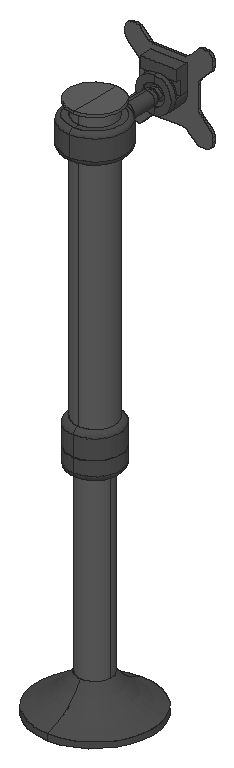
Revit family "Atdec-Ceiling_Dislpay_Mount-TH-1040-CT-", category Generic Models, host Face, Revit 2016
Family settings
  Host = Face
  Part Type = Normal
  Can host rebar = No
  Round Connector Dimension = Use Diameter
  Cut with Voids When Loaded = No
  Shared = No
  Room Calculation Point = No
Parameters (values of type "TH-1040-CTS")
  Weight, single unit = "5.5 kg (12lb)"
  Weight, master carton = "17kg (37.4lb)"
  Warranty = "10 years"
  VESA mounting hole pattern, mm = "75x75, 100x100, 200x100, 200x200"
  Universal Width (mm) = "-"
  Universal Height (mm) = "-"
  URL = "www.atdec.com.au"
  UPC Code = "881493005990"
  Total Length Restriction [instance] = if(and(CTS, Total Length > 900 mm), 900 mm, if(and(CTL, Total Length > 1800 mm), 1800 mm, Total Length))  # 750 mm
  Total Length [instance] = 750 mm
  Top Pole Length = if(CTL, 1000 mm, 450 mm)  # 450 mm
  Tilt adjustment = "20° of display adjustment in any direction"
  Tilt Angle [instance] = 0.00°
  Single units per master pack = "3"
  Security features = "Security screw to deter unauthorised removal"
  Range Of Motion = "Tilt"
  Product Information Link = "https://www.atdec.com.au/th-1040-ct"
  Product Family = "Wall Mount Rail"  # constant formula
  Single Unit Dimensions = "555mm (21.9\") Lenght, 240mm (9.4\") Width, 100mm (3.9\") Height"
  Plate Finish [instance] = ATD-Powdercoat Black
  Pan adjustment = "20° of display adjustment in any direction"
  Model = "TH-1040-CTS"
  Minimum distance from wall (mm) = "-"
  Maximum distance from wall (mm) = "-"
  Material = "Steel and Aluminum"
  Master Carton Dimensions = "570mm (22.4\") Lenght, 250mm (9.8\") Width, 330mm (13\") Height"
  Manufacturer = "Atdec"  # constant formula
  Low Pole Length = if(CTS, 450 mm, 868 mm)  # 450 mm
  Pole Adjustment Length [instance] = "CTL 900mm to 1800mm - CTS: 400mm to 900mm"  # constant formula
  Flat screen maximum supported weight = "25kg (55lb)"
  Email Address = "support@atdec.com"
  Description = "Medium size display mount 400mm to 900mm"
  Default Elevation = 1219.2 mm
  Colour Options = "Black"
  CTS = yes
  CTL = not(CTS)  # no
  Bracket Finish [instance] = ATD-Plastic Black
  Pole Finish [instance] = ATD-Powdercoat Black
  Assembly Code = "E1010800"
  Angle Restriction [instance] = if(Tilt Angle < -20.00°, -20.00°, if(Tilt Angle > 20.00°, 20.00°, Tilt Angle))  # 0.00°
Types (3, lengths in mm): name | Weight, single unit | Weight, master carton | UPC Code | Total Length Restriction | Total Length | Top Pole Length | Single units per master pack | Single Unit Dimensions | Model | Master Carton Dimensions | Low Pole Length | Description | CTS | CTL
  (no name) | "5.5 kg (12lb)" | "17kg (37.4lb)" | "881493005990" | 750 | 750 | 450 | "3" | "555mm (21.9\") Lenght, 240mm (9.4\") Width, 100mm (3.9\") Height" | "TH-1040-CTS" | "570mm (22.4\") Lenght, 250mm (9.8\") Width, 330mm (13\") Height" | 450 | "Medium size display mount 400mm to 900mm" | yes | no
  TH-1040-CTL | "8.5 kg (18.7lb)" | "17.7kg (38.9lb)" | "881493006010" | 1800 | 2500 | 1000 | "2" | "1005mm (39.4\") Lenght, 240mm (9.4\") Width, 100mm (3.9\") Height" | "TH-1040-CTL" | "1015mm (40\") Lenght, 255mm (10\") Width, 225mm (8.9\") Height" | 868 | "Medium size display mount 900mm to 1800mm" | no | yes
  TH-1040-CTS | "5.5 kg (12lb)" | "17kg (37.4lb)" | "881493005990" | 750 | 750 | 450 | "3" | "555mm (21.9\") Lenght, 240mm (9.4\") Width, 100mm (3.9\") Height" | "TH-1040-CTS" | "570mm (22.4\") Lenght, 250mm (9.8\") Width, 330mm (13\") Height" | 450 | "Medium size display mount 400mm to 900mm" | yes | no
Reference planes
  plane 1 "Center (Front/Back)": y = 0
  plane 2: z = 0
  plane 3 "Center (Left/Right)": x = 0
  plane 4: z = 750
  plane 5: z = 450
  plane 6: z = 300
  plane 7: z = 710.448
  plane 8: y = 116.307
Forms (mm)
  Revolve 1, solid, material "ATD-Powdercoat Black" <- "Pole Finish"
    sketch origin (0, 0, 0) x (0, 1, 0) y (0, 0, 1)
      loop
        line (0, 750) -> (0, 300) -> (27.463, 300) -> (27.463, 747.097) -> (35.492, 747.097) -> (35.492, 750) -> (0, 750)
      axis (0, 300) -> (0, 750)
    angle from 0 to 360
  Revolve 2, solid, material "ATD-Plastic Black" <- "Bracket Finish"
    sketch origin (0, 0, 0) x (0, 1, 0) y (0, 0, 1)
      loop
        line (0, 0) -> (80, 0) -> (80, 7.646)
        arc (80, 7.646) -> (47.939, 23.892) -> (23.236, 50) r 104.986
        line (23.236, 50) -> (0, 50) -> (0, 0)
      axis (0, 0) -> (0, 50)
    angle from 0 to 360
  Extrusion 3, solid, material "ATD-Powdercoat Black" <- "Pole Finish"
    sketch origin (0, 0, 0) x (1, 0, 0) y (0, 1, 0)
      loop
        circle (0, 0) r 22.5
    from 0 to 450
  Revolve 4, solid, material "ATD-Plastic Black" <- "Bracket Finish"
    sketch origin (0, 0, 0) x (0, 1, 0) y (0, 0, 1)
      loop
        line (0, 361.097) -> (0, 300.597) -> (28.5, 300.597)
        arc (28.5, 300.597) -> (33.467, 302.654) -> (35.524, 307.62) r 7.024
        line (35.524, 307.62) -> (35.524, 326.39) -> (13.322, 326.39) -> (13.322, 327.597) -> (35.524, 327.597) -> (35.524, 353.622)
        arc (35.524, 353.622) -> (33.131, 359.112) -> (27.48, 361.097) r 7.495
        line (27.48, 361.097) -> (0, 361.097)
      axis (0, 300.597) -> (0, 361.097)
    angle from 0 to 360
  Revolve 5, solid, material "ATD-Plastic Black" <- "Bracket Finish"
    sketch origin (0, 0, 0) x (0, 1, 0) y (0, 0, 1)
      loop
        line (-27.447, 730.448) -> (-36.364, 730.448)
        arc (-36.364, 730.448) -> (-40.607, 728.691) -> (-42.364, 724.448) r 6
        line (-42.364, 724.448) -> (-42.364, 696.448)
        arc (-42.364, 696.448) -> (-40.607, 692.206) -> (-36.364, 690.448) r 6
        line (-36.364, 690.448) -> (-27.447, 690.448) -> (-27.447, 730.448)
      axis (0, 690.448) -> (0, 730.448)
    angle from 0 to 360
  Revolve 6, solid, material "ATD-Plastic Black" <- "Bracket Finish"
    sketch origin (0, 0, 0) x (0, 1, 0) y (0, 0, 1)
      loop
        line (27.249, 710.448) -> (130.131, 710.448)
        arc (130.131, 710.448) -> (120.338, 723.528) -> (105.03, 717.814) r 13.631
        arc (105.03, 717.814) -> (101.176, 716.206) -> (97.795, 718.656) r 4.268
        arc (97.795, 718.656) -> (96.66, 719.958) -> (95.003, 720.443) r 3.075
        line (95.003, 720.443) -> (89, 720.443) -> (54.111, 721.119)
        arc (54.111, 721.119) -> (46.495, 722.845) -> (40.184, 727.443) r 19.326
        line (40.184, 727.443) -> (27.249, 727.443) -> (27.249, 710.448)
      axis (130.131, 710.448) -> (27.249, 710.448)
    angle from 0 to 360
Lines and regions (mm)
  symbolic lines
    curve 1: circle (0, 0, 0) r 80 normal (0, 0, 1)
    curve 2: circle (0, 0, 0) r 42.586 normal (0, 0, 1)
    curve 5: line (-10.257, 106.775, 0) -> (-10.257, 51.775, 0)
    curve 6: arc (-10.257, 51.775, 0) -> (-12.553, 43.788, 0) -> (-18.742, 38.24, 0) r 15.038
    curve 7: line (10.257, 106.775, 0) -> (10.257, 51.775, 0)
    curve 8: arc (10.257, 51.775, 0) -> (12.553, 43.788, 0) -> (18.742, 38.24, 0) r 15.038
    curve 9: line (-10.257, 106.775, 0) -> (10.257, 106.775, 0)
  reference lines
    curve 3: line (0, 116.307, 710.448) -> (0, -43.693, 710.448)
    curve 4: line (0, 116.307, 710.448) -> (0, 116.307, 760.448)
Dimensions and locks
  "Total Length Restriction": plane 4 to plane 2
  "Top Pole Length": plane 5 to plane 2
  "Low Pole Length": plane 4 to plane 6
  locked: Revolve 1 sketch curve to plane 1 "Center (Front/Back)" at 27.463
  locked: Revolve 1 sketch curve to plane 1 "Center (Front/Back)" at 35.492
  locked: plane 4 to Revolve 1 sketch curve at 2.903
  locked: Revolve 2 sketch curve to plane 1 "Center (Front/Back)" at 110.722
  locked: Revolve 2 sketch curve to plane 1 "Center (Front/Back)" at 80
  locked: Revolve 2 sketch curve to plane 2 at 50
  locked: Revolve 2 sketch curve to plane 2 at 108.036
  plane 6 to Revolve 4 sketch curve to Revolve 4 sketch curve to Revolve 4 sketch curve to Revolve 4 sketch curve to Revolve 4 sketch curve to Revolve 4 sketch curve = 0.597 mm locked, 7.024 mm locked, 18.77 mm locked, 1.206 mm locked, 26.025 mm locked, 7.475 mm locked
  Revolve 4 sketch curve to Revolve 4 sketch curve to Revolve 4 sketch curve to Revolve 4 sketch curve to plane 1 "Center (Front/Back)" = 7.024 mm locked, 0.471 mm locked, 14.707 mm locked, 13.322 mm locked
  plane 4 to plane 7 = 39.552 mm
  equal spacing: Revolve 5 sketch curve, plane 7, Revolve 5 sketch curve, locked at 20 each
  equal spacing: Revolve 5 sketch curve, plane 7, Revolve 5 sketch curve, locked at 14 each
  plane 1 "Center (Front/Back)" to Revolve 5 sketch curve to Revolve 5 sketch curve = 27.447 mm locked, 14.918 mm locked
  Revolve 6 sketch curve to Revolve 6 sketch curve to Revolve 6 sketch curve to plane 7 = 19.997 mm locked, 3.077 mm locked, 6.919 mm locked
  locked: Revolve 6 sketch curve to plane 1 "Center (Front/Back)" at 27.249
  locked: Revolve 6 sketch curve to plane 7 at 16.995
  locked: plane 8 to plane 1 "Center (Front/Back)" at 116.307
  "Angle Restriction": angle plane 7 to curve 3
  locked: curve 3 to curve 4 (angle 90.00°)
  aligned and locked: plane 2 to host face
  aligned and locked: level to host face
  aligned and locked: plane 4 to Revolve 1 sketch curve
  aligned and locked: plane 6 to Revolve 1 sketch curve
  aligned and locked: plane 2 to Revolve 2 sketch curve
  aligned and locked: plane 1 "Center (Front/Back)" to Revolve 2 sketch curve
  aligned and locked: Extrusion 3 to plane 2
  aligned and locked: plane 5 to Extrusion 3
  aligned and locked: Revolve 4 sketch curve to Revolve 4 sketch curve
  aligned and locked: plane 7 to Revolve 6 sketch curve  (x2)
  aligned and locked: plane 8 to curve 3
  aligned and locked: plane 7 to curve 3
  aligned and locked: nested 1 to curve 4
  aligned and locked: nested 1 to curve 3
Automatic sketch dimensions
  host sketch curve to host sketch curve = 333.331 mm
  host sketch curve to host sketch curve = 377.172 mm
  Revolve 1 sketch curve to plane 1 "Center (Front/Back)" = 0 mm  (x2)
  Revolve 1 sketch curve to plane 4 = 0 mm
  Revolve 1 sketch curve to Revolve 1 sketch curve = 28.39 mm
  plane 1 "Center (Front/Back)" to Extrusion 3 sketch curve = 0 mm
  Extrusion 3 sketch curve to plane 3 "Center (Left/Right)" = 0 mm
  Revolve 4 sketch curve to plane 1 "Center (Front/Back)" = 0 mm  (x2)
  Revolve 4 sketch curve to Revolve 4 sketch curve = 0 mm
  Revolve 4 sketch curve to Revolve 4 sketch curve = 8.708 mm
  Revolve 5 sketch curve to plane 1 "Center (Front/Back)" = 0 mm
  Revolve 5 sketch curve to Revolve 5 sketch curve = 6 mm
  Revolve 5 sketch curve to plane 4 = 9.552 mm
  plane 4 to Revolve 5 sketch curve = 12.771 mm
  Revolve 5 sketch curve to plane 4 = 19.552 mm
  Revolve 6 sketch curve to plane 7 = 0 mm
  Revolve 6 sketch curve to Revolve 6 sketch curve = 12.935 mm
  plane 7 to Revolve 6 sketch curve = 10.671 mm
  Revolve 6 sketch curve to Revolve 6 sketch curve = 13.927 mm
  plane 7 to Revolve 6 sketch curve = 9.995 mm
  Revolve 6 sketch curve to Revolve 6 sketch curve = 34.889 mm
  Revolve 6 sketch curve to Revolve 6 sketch curve = 6.003 mm
  Revolve 6 sketch curve to Revolve 6 sketch curve = 6.667 mm
  Revolve 6 sketch curve to Revolve 6 sketch curve = 14.83 mm
  Revolve 6 sketch curve to Revolve 6 sketch curve = 0 mm  (x2)
  Revolve 6 sketch curve to plane 1 "Center (Front/Back)" = 7.249 mm
  Revolve 6 sketch curve to Revolve 6 sketch curve = 3.361 mm
  Revolve 2 sketch curve to plane 1 "Center (Front/Back)" = 0 mm
  Revolve 2 sketch curve to Revolve 2 sketch curve = 23.236 mm
  Revolve 2 sketch curve to Revolve 2 sketch curve = 0 mm
  Revolve 2 sketch curve to Revolve 2 sketch curve = 40 mm
  curve 1 to curve 2 = 0 mm  (x2)
  plane 1 "Center (Front/Back)" to curve 1 = 0 mm
  curve 1 to plane 3 "Center (Left/Right)" = 0 mm
  curve 5 to plane 3 "Center (Left/Right)" = 10.257 mm
  curve 6 to curve 5 = 15.038 mm
  plane 3 "Center (Left/Right)" to curve 7 = 10.257 mm
  curve 8 to curve 8 = 15.038 mm
  curve 6 to plane 1 "Center (Front/Back)" = 51.775 mm
  curve 5 to curve 7 = 0 mm
  curve 6 to curve 6 = 6.553 mm
  curve 7 to plane 8 = 9.532 mm
  radius of Extrusion 3 sketch curve = 22.5 mm
  radius of curve 1 = 80 mm
Nested families
  nested 1: "1070-Plate" at (0, 116.307, 710.448), Bracket Finish <- "Bracket Finish", Plate Finish <- "Plate Finish", Large Plate <- "CTL", Small Plate <- "CTS", type "1070-Plate"
    with Small Plate yes, Plate Finish ATD-Powdercoat Black, Large Plate no, Bracket Finish ATD-Plastic Black
Definition of nested family "1070-Plate"
  Parameters (values of type "Plate")
    Small Plate [instance] = yes
    Plate Finish [instance] = none
    Large Plate [instance] = yes
    Default Elevation = 1219.2 mm
    Bracket Finish [instance] = none
  Reference planes
    plane 1 "Center (Front/Back)": y = 0
    plane 2: z = 0
    plane 3 "Center (Left/Right)": x = 0
  Forms (mm)
    Revolve 1, solid, material <- "Bracket Finish"
      sketch origin (0, 0, 0) x (0, 1, 0) y (0, 0, 1)
        loop
          line (-3, 13.416) -> (-3, 20.319) -> (-9.25, 20.319) -> (-9.25, 24.495) -> (-15.709, 24.495) -> (-15.709, 14.849) -> (-14.123, 14.849) -> (-9.532, 10.257)
          arc (-9.532, 10.257) -> (-6.466, 12.251) -> (-3, 13.416) r 14.525
        axis (-3, 0) -> (-15.709, 0)
      angle from 0 to 360
    Extrusion 2, solid, material <- "Bracket Finish"
      sketch origin (0, 0, 0) x (0, 1, 0) y (0, 0, 1)
        loop
          line (-7.5, 35.82) -> (-7.5, 20.82) -> (0, 20.82) -> (0, 0) -> (10.792, 0) -> (10.792, 35.82) -> (-7.5, 35.82)
      from -24.514 to 24.514
    Extrusion 3, solid, material <- "Bracket Finish"
      sketch origin (0, 0, 0) x (1, 0, 0) y (0, 0, 1)
        loop
          arc (-24.514, 0) -> (0, -24.514) -> (24.514, 0) r 24.514
          line (24.514, 0) -> (16.093, 0)
          arc (16.093, 0) -> (0, -16.093) -> (-16.093, 0) r 16.093
          line (-16.093, 0) -> (-24.514, 0)
      from -10.792 to 7.5
    Extrusion 4, solid, material <- "Plate Finish", visible <- "Small Plate"
      sketch origin (0, 0, 0) x (1, 0, 0) y (0, 0, 1)
        loop
          arc (-38.686, 57.071) -> (-41.931, 59.239) -> (-45.757, 60) r 10
          line (-45.757, 60) -> (-50, 60)
          arc (-50, 60) -> (-57.071, 57.071) -> (-60, 50) r 10
          line (-60, 50) -> (-60, 42.929)
          arc (-60, 42.929) -> (-59.239, 39.102) -> (-57.071, 35.858) r 10
          line (-57.071, 35.858) -> (-42.929, 21.716)
          arc (-42.929, 21.716) -> (-40.761, 18.471) -> (-40, 14.645) r 10
          line (-40, 14.645) -> (-40, -14.645)
          arc (-40, -14.645) -> (-40.761, -18.471) -> (-42.929, -21.716) r 10
          line (-42.929, -21.716) -> (-57.071, -35.858)
          arc (-57.071, -35.858) -> (-59.239, -39.102) -> (-60, -42.929) r 10
          line (-60, -42.929) -> (-60, -50)
          arc (-60, -50) -> (-57.071, -57.071) -> (-50, -60) r 10
          line (-50, -60) -> (-42.929, -60)
          arc (-42.929, -60) -> (-39.102, -59.239) -> (-35.858, -57.071) r 10
          line (-35.858, -57.071) -> (-25.216, -46.429)
          arc (-25.216, -46.429) -> (-21.971, -44.261) -> (-18.145, -43.5) r 10
          line (-18.145, -43.5) -> (18.145, -43.5)
          arc (18.145, -43.5) -> (21.971, -44.261) -> (25.216, -46.429) r 10
          line (25.216, -46.429) -> (35.858, -57.071)
          arc (35.858, -57.071) -> (39.102, -59.239) -> (42.929, -60) r 10
          line (42.929, -60) -> (50, -60)
          arc (50, -60) -> (57.071, -57.071) -> (60, -50) r 10
          line (60, -50) -> (60, -42.929)
          arc (60, -42.929) -> (59.239, -39.102) -> (57.071, -35.858) r 10
          line (57.071, -35.858) -> (42.929, -21.716)
          arc (42.929, -21.716) -> (40.761, -18.471) -> (40, -14.645) r 10
          line (40, -14.645) -> (40, 14.645)
          arc (40, 14.645) -> (40.761, 18.471) -> (42.929, 21.716) r 10
          line (42.929, 21.716) -> (57.071, 35.858)
          arc (57.071, 35.858) -> (59.239, 39.102) -> (60, 42.929) r 10
          line (60, 42.929) -> (60, 50)
          arc (60, 50) -> (57.071, 57.071) -> (50, 60) r 10
          line (50, 60) -> (45.757, 60)
          arc (45.757, 60) -> (41.931, 59.239) -> (38.686, 57.071) r 10
          line (38.686, 57.071) -> (27.544, 45.929)
          arc (27.544, 45.929) -> (24.3, 43.761) -> (20.473, 43) r 10
          line (20.473, 43) -> (-20.473, 43)
          arc (-20.473, 43) -> (-24.3, 43.761) -> (-27.544, 45.929) r 10
          line (-27.544, 45.929) -> (-38.686, 57.071)
        loop
          circle (0, 0) r 15
      from -13.556 to -10.792
    Extrusion 5, solid, material <- "Plate Finish", visible <- "Large Plate"
      sketch origin (0, 0, 0) x (1, 0, 0) y (0, 0, 1)
        loop
          line (39.659, 65.094) -> (-39.659, 65.094)
          arc (-39.659, 65.094) -> (-43.486, 65.855) -> (-46.73, 68.023) r 10
          line (-46.73, 68.023) -> (-85.857, 107.15)
          arc (-85.857, 107.15) -> (-89.101, 109.317) -> (-92.928, 110.079) r 10
          line (-92.928, 110.079) -> (-100, 110.079)
          arc (-100, 110.079) -> (-107.071, 107.15) -> (-110, 100.079) r 10
          line (-110, 100.079) -> (-110, 44.49)
          arc (-110, 44.49) -> (-108.506, 39.232) -> (-104.47, 35.545) r 10
          line (-104.47, 35.545) -> (-51.43, 9.04)
          arc (-51.43, 9.04) -> (-45.841, 0) -> (-51.43, -9.04) r 10.105
          line (-51.43, -9.04) -> (-104.47, -35.545)
          arc (-104.47, -35.545) -> (-108.506, -39.232) -> (-110, -44.49) r 10
          line (-110, -44.49) -> (-110, -100.079)
          arc (-110, -100.079) -> (-107.071, -107.15) -> (-100, -110.079) r 10
          line (-100, -110.079) -> (-92.928, -110.079)
          arc (-92.928, -110.079) -> (-89.101, -109.317) -> (-85.857, -107.15) r 10
          line (-85.857, -107.15) -> (-46.73, -68.023)
          arc (-46.73, -68.023) -> (-43.486, -65.855) -> (-39.659, -65.094) r 10
          line (-39.659, -65.094) -> (39.659, -65.094)
          arc (39.659, -65.094) -> (43.486, -65.855) -> (46.73, -68.023) r 10
          line (46.73, -68.023) -> (85.857, -107.15)
          arc (85.857, -107.15) -> (89.101, -109.317) -> (92.928, -110.079) r 10
          line (92.928, -110.079) -> (100, -110.079)
          arc (100, -110.079) -> (107.071, -107.15) -> (110, -100.079) r 10
          line (110, -100.079) -> (110, -44.49)
          arc (110, -44.49) -> (108.506, -39.232) -> (104.47, -35.545) r 10
          line (104.47, -35.545) -> (51.43, -9.04)
          arc (51.43, -9.04) -> (45.841, 0) -> (51.43, 9.04) r 10.105
          line (51.43, 9.04) -> (104.47, 35.545)
          arc (104.47, 35.545) -> (108.506, 39.232) -> (110, 44.49) r 10
          line (110, 44.49) -> (110, 100.079)
          arc (110, 100.079) -> (107.071, 107.15) -> (100, 110.079) r 10
          line (100, 110.079) -> (92.928, 110.079)
          arc (92.928, 110.079) -> (89.101, 109.317) -> (85.857, 107.15) r 10
          line (85.857, 107.15) -> (46.73, 68.023)
          arc (46.73, 68.023) -> (43.486, 65.855) -> (39.659, 65.094) r 10
        loop
          circle (0, 0) r 15
      from -13.556 to -10.792
  Dimensions and locks
    Extrusion 2 sketch curve to plane 1 "Center (Front/Back)" to Extrusion 2 sketch curve = 10.792 mm locked, 7.5 mm locked
    Extrusion 2 sketch curve to Extrusion 2 sketch curve to plane 2 = 15 mm locked, 20.82 mm locked
    Extrusion 5 to Extrusion 5 to plane 1 "Center (Front/Back)" = 2.764 mm locked, 10.792 mm locked
    aligned and locked: level to plane 2
    aligned and locked: Revolve 1 sketch curve to plane 2
    aligned and locked: Extrusion 2 sketch curve to plane 2
    aligned and locked: plane 3 "Center (Left/Right)" to Extrusion 3 sketch curve  (x2)
    aligned and locked: plane 2 to Extrusion 3 sketch curve  (x2)
    aligned and locked: Extrusion 3 to Extrusion 2
    aligned and locked: Extrusion 2 to Extrusion 3  (x2)
    aligned and locked: Extrusion 4 to Extrusion 2
    aligned and locked: Extrusion 5 to Extrusion 4  (x2)
